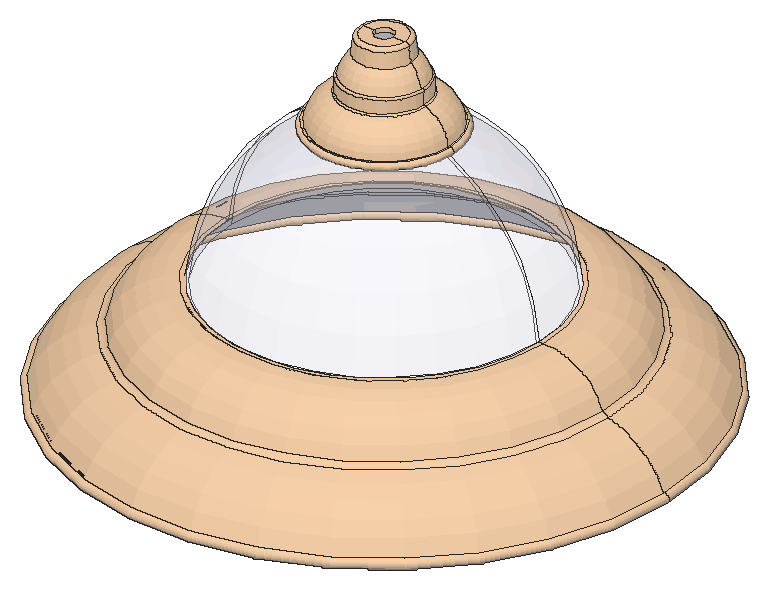
Revit family "SP403 SHADE", category Lighting Fixtures, Revit 2024
Family settings
  Round Connector Dimension = Use Diameter
  Part Type = Normal
  OmniClass Number = 23.80.70.00
  OmniClass Title = Lighting
  Work Plane-Based = No
  Always vertical = Yes
  Cut with Voids When Loaded = No
  Light Source = No
  Maintain Annotation Orientation = No
  Shared = No
  Room Calculation Point = No
Parameters
  Default Elevation = 0' - 0"
Reference planes (in)
  plane 1 "Light Source Axis (F/B)": y = 0
  plane 2: z = 0
  plane 3 "Light Source Axis (L/R)": x = 0
  plane 4 "Light Source Elevation": z = 54
Forms (in)
  Revolve 1, solid, not visible
    sketch origin (0, 0, 0) x (1, 0, 0) y (0, 0, 1)
      loop
        line (-1.45425, 58.87626) -> (-1.45425, 59.20093)
        arc (-1.45425, 59.20093) -> (-1.51919, 59.26587) -> (-1.58412, 59.20093) r 0.06494
        line (-1.58412, 59.20093) -> (-1.64906, 59.20093)
        arc (-1.64906, 59.20093) -> (-1.71399, 59.136) -> (-1.77893, 59.20093) r 0.06494
        line (-1.77893, 59.20093) -> (-2.28318, 59.20093)
        arc (-2.28318, 59.20093) -> (-2.41111, 59.0605) -> (-2.45743, 58.87626) r 0.38961
        line (-2.45743, 58.87626) -> (-1.45425, 58.87626)
      axis (-1.45425, 58.87626) -> (-2.45743, 58.87626)
    angle from 0 to 360
  Revolve 2, solid, not visible
    sketch origin (0, 0, -4.77789) x (1, 0, 0) y (0, 0, 1)
      loop
        line (-1.45425, 58.87626) -> (-1.45425, 59.20093)
        arc (-1.45425, 59.20093) -> (-1.51919, 59.26587) -> (-1.58412, 59.20093) r 0.06494
        line (-1.58412, 59.20093) -> (-1.64906, 59.20093)
        arc (-1.64906, 59.20093) -> (-1.71399, 59.136) -> (-1.77893, 59.20093) r 0.06494
        line (-1.77893, 59.20093) -> (-2.28318, 59.20093)
        arc (-2.28318, 59.20093) -> (-2.41111, 59.0605) -> (-2.45743, 58.87626) r 0.38961
        line (-2.45743, 58.87626) -> (-1.45425, 58.87626)
      axis (-1.45425, 58.87626) -> (-2.45743, 58.87626)
    angle from 0 to 360
  Sweep 3, solid, not visible
    path origin (0, 0, 0) x (1, 0, 0) y (0, 0, 1)
      loop
        line (-2.03967, 52.74803) -> (-2.03967, 61.85943)
        arc (-2.03967, 61.85943) -> (-4.99444, 64.8142) -> (-7.94921, 61.85943) r 2.95477
        line (-7.94921, 61.85943) -> (-7.94921, 60.07761)
    profile origin (-2.03967, 0, 57.30373) x (-1, 0, 0) y (0, -1, 0)
      loop
        circle (0, 0) r 0.1875
  Revolve 4, solid, not visible
    sketch origin (0, 0, 0) x (1, 0, 0) y (0, 0, 1)
      loop
        spline (-11.5338, 54.25604) -> (-11.53327, 54.62054) -> (-11.51765, 54.94785) -> (-11.49462, 55.20215) -> (-11.4387, 55.52355) -> (-11.34166, 55.86623) -> (-11.21238, 56.18469) -> (-11.05634, 56.4592) -> (-10.86408, 56.70149) -> (-10.63792, 56.91334) -> (-10.38044, 57.08433) -> (-10.00557, 57.22866) -> (-9.53349, 57.29425)
        arc (-9.53349, 57.29425) -> (-9.43019, 57.66173) -> (-9.0618, 57.76174) r 0.38694
        line (-9.0618, 57.76174) -> (-9.0618, 58.75549) -> (-8.98942, 58.82787) -> (-8.98942, 59.74949)
        arc (-8.98942, 59.74949) -> (-8.94621, 59.8538) -> (-8.8419, 59.897) r 0.14752
        line (-8.8419, 59.897) -> (-7.94921, 59.897) -> (-7.94921, 60.07761) -> (-8.2146, 60.07761) -> (-8.2146, 59.99075) -> (-8.8419, 59.99075)
        arc (-8.8419, 59.99075) -> (-9.0125, 59.92009) -> (-9.08317, 59.74949) r 0.24127
        line (-9.08317, 59.74949) -> (-9.08317, 58.83266)
        arc (-9.08317, 58.83266) -> (-9.13283, 58.80671) -> (-9.15555, 58.75549) r 0.085
        line (-9.15555, 58.75549) -> (-9.15555, 57.86758)
        arc (-9.15555, 57.86758) -> (-9.49691, 57.7276) -> (-9.63849, 57.3869) r 0.48069
        spline (-9.63849, 57.3869) -> (-10.117, 57.29295) -> (-10.47221, 57.14022) -> (-10.72912, 56.95719) -> (-10.95531, 56.73627) -> (-11.14643, 56.48532) -> (-11.30177, 56.20185) -> (-11.42964, 55.87717) -> (-11.5243, 55.53356) -> (-11.57801, 55.2147) -> (-11.60029, 54.96192) -> (-11.61586, 54.63792) -> (-11.61658, 54.2789)
        arc (-11.61658, 54.2789) -> (-11.64765, 54.00503) -> (-11.5338, 54.25604) r 0.13952
      axis (-7.94921, 60.07761) -> (-7.94921, 54.25604)
    angle from 0 to 360
  Revolve 5, solid, not visible
    sketch origin (0, 0, 0) x (1, 0, 0) y (0, 0, 1)
      loop
        line (-2.03103, 52.74803) -> (-2.29162, 52.74803) -> (-2.29162, 52.68626) -> (-2.25302, 52.68626)
        arc (-2.25302, 52.68626) -> (-2.20187, 52.63512) -> (-2.25302, 52.58397) r 0.05115
        arc (-2.25302, 52.58397) -> (-2.29162, 52.54536) -> (-2.25302, 52.50676) r 0.0386
        line (-2.25302, 52.50676) -> (-2.03103, 52.50676) -> (-2.03103, 52.74803)
      axis (-2.03103, 52.74803) -> (-2.03103, 52.50676)
    angle from 0 to 360
  Revolve 6, solid
    sketch origin (0, 0, 0) x (1, 0, 0) y (0, 0, 1)
      loop
        arc (-0.54716, 62.5) -> (-0.61385, 62.47451) -> (-0.64655, 62.41105) r 0.1
        line (-0.64655, 62.41105) -> (-0.68946, 62.05)
        arc (-0.68946, 62.05) -> (-0.87561, 61.82169) -> (-0.98946, 61.55) r 1.02937
        arc (-0.98946, 61.55) -> (-1.02482, 61.53535) -> (-1.03946, 61.5) r 0.05
        line (-1.03946, 61.5) -> (-1.04491, 61.18815)
        arc (-1.04491, 61.18815) -> (-1.05564, 61.15807) -> (-1.08239, 61.14062) r 0.05
        arc (-1.08239, 61.14062) -> (-1.49753, 60.87776) -> (-1.68113, 60.422) r 0.80109
        line (-1.68113, 60.422) -> (-1.73616, 60.422)
        arc (-1.73616, 60.422) -> (-1.82216, 60.336) -> (-1.73616, 60.25) r 0.086
        arc (-1.73616, 60.25) -> (-3.39085, 58.76841) -> (-4.10694, 56.66595) r 4.38359
        line (-4.10694, 56.66595) -> (-4.21591, 56.66595)
        arc (-4.21591, 56.66595) -> (-5.14971, 56.38097) -> (-5.76527, 55.62315) r 1.6724
        arc (-5.76527, 55.62315) -> (-5.83366, 55.55613) -> (-5.92003, 55.51479) r 0.29242
        arc (-5.92003, 55.51479) -> (-6.78682, 55.04265) -> (-7.375, 54.25) r 2.29409
        arc (-7.375, 54.25) -> (-7.42191, 54.00914) -> (-7.28804, 54.21479) r 0.125
        arc (-7.28804, 54.21479) -> (-6.72401, 54.97303) -> (-5.89394, 55.42474) r 2.20034
        arc (-5.89394, 55.42474) -> (-5.7748, 55.48296) -> (-5.68237, 55.57805) r 0.38617
        arc (-5.68237, 55.57805) -> (-5.10175, 56.30024) -> (-4.21591, 56.5722) r 1.57865
        line (-4.21591, 56.5722) -> (-4.01883, 56.5722)
        arc (-4.01883, 56.5722) -> (-3.30036, 58.73517) -> (-1.5754, 60.22486) r 4.28984
        arc (-1.5754, 60.22486) -> (-1.48162, 60.7403) -> (-1.05895, 61.04984) r 0.70734
        arc (-1.05895, 61.04984) -> (-0.98202, 61.10001) -> (-0.95117, 61.18652) r 0.14375
        line (-0.95117, 61.18652) -> (-0.94573, 61.49836) -> (-0.8987, 61.52651)
        arc (-0.8987, 61.52651) -> (-0.78634, 61.78795) -> (-0.60058, 62.00352) r 0.93562
        line (-0.60058, 62.00352) -> (-0.55271, 62.40625) -> (-0.24716, 62.40625) -> (-0.24716, 62.5) -> (-0.54716, 62.5)
      axis (0, 62.5) -> (0, 54.21479)
    angle from 0 to 360
Dimensions and locks (in)
  aligned and locked: level to plane 2
